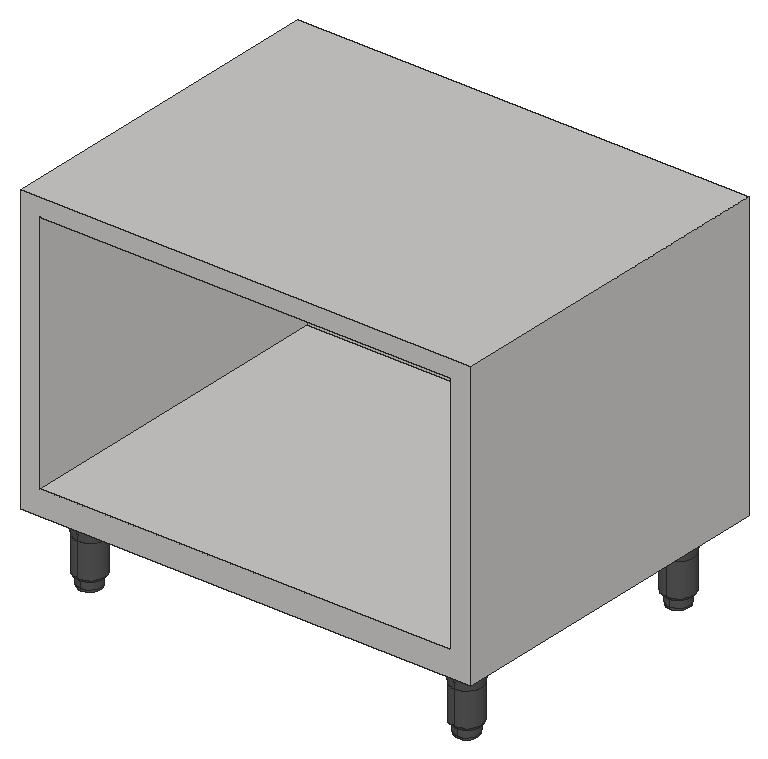
Revit family "QF_CAPIC_AVEN_W543023", category Equipement spécialisé, Revit 2018
Family settings
  Cote de connecteur circulaire = Utiliser le diamètre
  Type d'élément = Normal
  Numéro OmniClass = 23.40.40.14
  Titre OmniClass = Food Service Equipment
  Basée sur le plan de construction = Non
  Toujours verticalement = Oui
  Couper avec des vides une fois chargée = Non
  Partagée = Non
  Point de calcul de pièce = Non
Parameters (values of type "800 mm")
  URL catalogue = "http://www.capic-fr.com/fr/"
  Type de Raccord Plomberie [instance] = ""
  Type de Raccord Electrique [instance] = ""
  Type de Gaz = ""
  Type article [instance] = ""
  Tension = 0 V
  Spécification du Fabricant = ""
  Show Logo = yes
  Remarques evacuation [instance] = ""
  Remarques Plomberie [instance] = ""
  Remarques Electricité [instance] = ""
  Puissance électrique  = 0 W
  Puissance Gaz kW = 0
  Profondeur hors tout = 648 mm
  Pression Maximum Eau Adoucie = 0.0 Pa
  Poids net à vide = 30.00 kg
  Phase = 0
  Modèle = "W543023"
  Longueur hors tout = 800 mm
  Intensité nominale = 0 A
  Hauteur hors tout = 638 mm
  Hauteur de Raccordement du Sol Finis = 0 mm
  Hauteur de Raccordement Gaz du Sol Finis = 0 mm
  Hauteur de Raccordement Evacuation Directe du Sol Finis = 0 mm
  Hauteur de Raccordement Eau Froide du Sol Finis = 0 mm
  Hauteur de Raccordement Eau Chaude du Sol Finis = 0 mm
  Hauteur de Raccordement Eau Adoucie du Sol Finis = 0 mm
  Fréquence = 0 Hz
  Fabricant = "CAPIC"
  Etagere intermédiaire (option) [instance] = no
  Débit d'air d'extraction = 0.0 m³/h
  Débit Gaz = 0.0 L/s
  Débit Eau Froide = 0.0 L/s
  Débit Eau Chaude = 0.0 L/s
  Débit Eau Adoucie = 0.0 L/s
  Diamètre de Raccordement Gaz = 0 mm
  Diamètre de Raccordement Evacuation = 0 mm
  Diamètre de Raccordement Eau Froide = 0 mm
  Diamètre de Raccordement Eau Chaude = 0 mm
  Diamètre de Raccordement Eau Adoucie = 0 mm
  Description = "Placard ouvert"
  Assembly Code = ""
  Classification  Omniclass nombre et titre = "23.40.40.14"
Reference planes
  plane 1 "Centre (avant/arrière)": y = 0
  plane 2: z = 0
  plane 3 "Centre (gauche/droite)": x = 0
  plane 4: x = 800
  plane 5: y = -662
  plane 6: y = -45
  plane 7: x = 25
  plane 8: x = 775
  plane 9: y = -69
  plane 10: y = -539
  plane 11: x = 35
  plane 12: x = 765
Forms (mm)
  Extrusion 1, solid, material "QF_Stainless Steel-Brushed"
    sketch origin (0, 0, 0) x (1, 0, 0) y (0, 1, 0)
      loop
        line (0, -45) -> (0, -662) -> (800, -662) -> (800, -45) -> (0, -45)
    from 130 to 638
  Extrusion 2, void
    sketch origin (0, 0, 0) x (1, 0, 0) y (0, 1, 0)
      loop
        line (35, -69) -> (35, -662) -> (765, -662) -> (765, -69) -> (35, -69)
    from 175 to 608
  Extrusion 3, solid, material "QF_Stainless Steel-Brushed", visible <- "Etagere intermédiaire (option)"
    sketch origin (0, 0, 0) x (1, 0, 0) y (0, 1, 0)
      loop
        line (35, -69) -> (35, -662) -> (765, -662) -> (765, -69) -> (35, -69)
    from 370 to 400
Cuts and joins
  Extrusion 2 cuts Extrusion 1
Dimensions and locks
  "Longueur hors tout": plane 3 "Centre (gauche/droite)" to plane 4
  plane 5 to plane 6 to plane 1 "Centre (avant/arrière)" = 617 mm locked, 45 mm locked
  plane 6 to plane 9 to plane 10 = 24 mm locked, 470 mm locked
  locked: plane 3 "Centre (gauche/droite)" to plane 7 at 25
  locked: plane 8 to plane 4 at 25
  locked: plane 3 "Centre (gauche/droite)" to plane 11 at 35
  locked: plane 12 to plane 4 at 35
  aligned and locked: level to plane 2
  aligned and locked: plane 9 to nested 1
  aligned and locked: nested 1 to plane 7
  aligned and locked: plane 10 to nested 2
  aligned and locked: nested 2 to plane 7
  aligned and locked: plane 8 to nested 3
  aligned and locked: nested 3 to plane 9
  aligned and locked: plane 8 to nested 4
  aligned and locked: nested 4 to plane 10
  aligned and locked: Extrusion 2 sketch curve to plane 9
  aligned and locked: plane 11 to Extrusion 2 sketch curve
  aligned and locked: plane 5 to Extrusion 2 sketch curve
  aligned and locked: Extrusion 2 sketch curve to plane 12
Automatic sketch dimensions
  Extrusion 1 sketch curve to plane 3 "Centre (gauche/droite)" = 0 mm
  Extrusion 1 sketch curve to plane 4 = 0 mm
  Extrusion 1 sketch curve to plane 5 = 0 mm
  Extrusion 1 sketch curve to plane 6 = 0 mm
  Extrusion 3 sketch curve to plane 5 = 0 mm
  Extrusion 3 sketch curve to plane 11 = 0 mm
  Extrusion 3 sketch curve to plane 12 = 0 mm
  Extrusion 3 sketch curve to plane 9 = 0 mm
Nested families
  nested 1: "QF_Details_Pied" at (13.5, -119, 0) x (0, -1, 0) z (0, 0, 1), type "QF_Details_Pied"
  nested 2: "QF_Details_Pied" at (13.5, -589, 0) x (0, -1, 0) z (0, 0, 1), type "QF_Details_Pied"
  nested 3: "QF_Details_Pied" at (683.5, -119, 0) x (0, -1, 0) z (0, 0, 1), type "QF_Details_Pied"
  nested 4: "QF_Details_Pied" at (683.5, -589, 0) x (0, -1, 0) z (0, 0, 1), type "QF_Details_Pied"
Definition of nested family "QF_Details_Pied"
  Reference planes
    plane 1 "Centre (avant/arrière)": y = 0
    plane 2: z = 0
    plane 3 "Centre (gauche/droite)": x = 0
  Forms (mm)
    Extrusion 1, solid
      sketch origin (-137.492, 51.5, -340.756) x (1, 0, 0) y (0, 0, 1)
        loop
          line (87.492, 481.756) -> (87.492, 472.756) -> (187.492, 472.756) -> (187.492, 481.756) -> (87.492, 481.756)
      from -40 to 40
    Revolve 2, solid
      sketch origin (0, 51.5, -9) x (1, 0, 0) y (0, 0, 1)
        loop
          line (0, 141) -> (0, 9) -> (19.21, 9) -> (19.21, 13) -> (20.21, 13) -> (20.21, 26) -> (21.71, 26) -> (26.66, 30.95) -> (26.66, 90.95) -> (31.468, 136.698) -> (36.246, 141) -> (0, 141)
        axis (0, 141) -> (0, 9)
      angle from 0 to 360
  Dimensions and locks
    aligned and locked: level to plane 2
    aligned and locked: Extrusion 1 to Revolve 2 sketch curve
